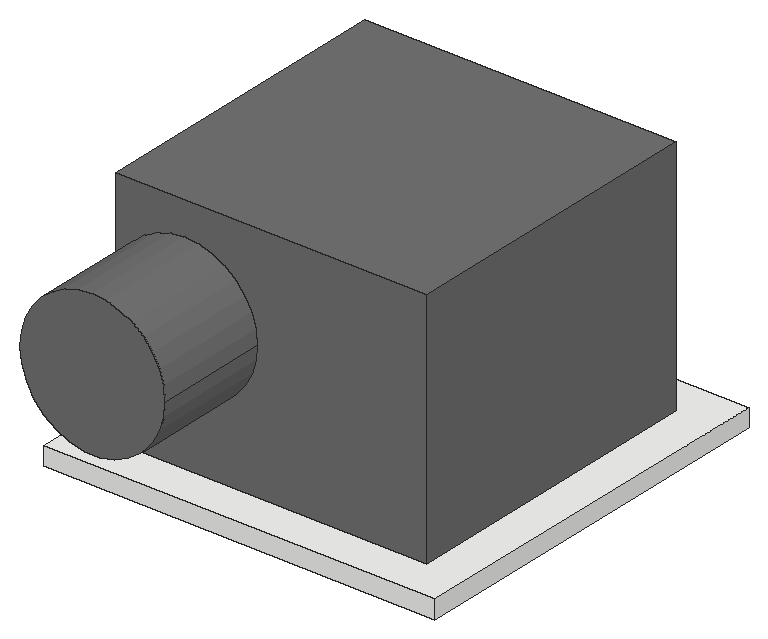
Revit family "vd-07_20z(s)vc7_60Hz", category 機械設備, Revit 2019
Family settings
  丸型コネクタ寸法 = 直径を使用
  パーツ タイプ = 標準
  OmniClass 番号 = 23.75.35.17.27
  OmniClass タイトル = Centrifugal Fans
  作業面ベース = いいえ
  常に垂直 = はい
  ロード時にボイドで切り取り = いいえ
  共有 = いいえ
  部屋計算ポイント = はい
Parameters (values of type "VD-20ZVC7")
  騒音レベル(dB(A)) [instance] = 45
  風量 [instance] = 550.0 m³/h
  電源種別 [instance] = ""
  電圧 = 100 V
  電動機出力 = 0 W
  電動機_種別 [instance] = ""
  運転質量 = 0.00 kg
  連動 [instance] = ""
  質量 = if(製品質量 > 運転質量, 製品質量, 運転質量) * 1.2  # 3.84 kg
  負荷分類 = 3_ファン類
  説明 = "ダクト用換気扇 低騒音形 24時間換気機能付 定風量タイプ"
  設計風量 [instance] = 0.0 m³/h
  設置方法 = "天埋"
  記号 [instance] = ""
  製造元 = "三菱電機株式会社"
  製品質量 = 3.20 kg
  製品出荷対象 = "国内"
  製品リリース年月 = "2024年6月3日"
  製品グループ = ""
  系統 [instance] = ""
  符号 [instance] = if(☑給気／□排気, "FS", "FE")  # "FE"
  積算_科目 = "2 換気設備"
  積算_拾い区分 [instance] = ""
  相 = 1
  盤記号 [instance] = ""
  発停方法 [instance] = ""
  特殊仕様 [instance] = ""
  火災停止 [instance] = ""
  消費電力 = 36 W
  法定耐用年数 = "15"
  機外静圧 [instance] = 0.0 Pa
  極数 = 2
  材質 [instance] = ""
  操作・制御方式 = ""
  操作・制御スイッチ = ""
  排気量 [instance] = if(☑給気／□排気, 0.0 m³/h, 設計風量)  # 0.0 m³/h
  形式 = "天井埋込ダクト形"
  幹線記号 [instance] = ""
  対象室 [instance] = ""
  実風量 [instance] = 0.0 m³/h
  始動方式 [instance] = "直入"
  外気量 [instance] = if(☑給気／□排気, 設計風量, 0.0 m³/h)  # 0.0 m³/h
  呼称 = "天井扇"
  周波数 = 60 Hz
  参照している仕様書等のバージョン = ""
  分類コード = "50052503100030"
  分類グループ = ""
  価格 = 71100
  企業コード = "108420"
  付属品_防振装置 = ""
  付属品 [instance] = ""
  仕様書バージョン = "Version1.0"
  モデル = "VD-20ZVC7"
  マテリアル = 合成樹脂(黒)
  ファンの種類 = ""
  ダクト径 = 150 mm
  コメント [instance] = ""
  Keynote = ""
  カバーマテリアル = 合成樹脂(白)
  ☑給気／□排気 [instance] = no
  Width = 310 mm
  W1 = 390 mm
  Version = ""
  Uniclass2015Version = "Systems v1.9"
  Uniclass2015Title = "Centrifugal fans"
  Uniclass2015Code = "Pr_65_67_29_12"
  URL = "https://www.mitsubishielectric.co.jp/ldg/wink/qr/002/333526/"
  SpecificationReference = ""
  SpecificationDescription = ""
  Revision = ""
  ProductInformation = ""
  OmniClassCode = "23-33 31 19 11 15"
  OAサイズ_D = 0 mm
  MIN風量 = 230.0 m³/h
  MIN静圧 = 70.0 Pa
  MID風量 = 340.0 m³/h
  MID静圧 = 80.0 Pa
  MAX風量 = 550.0 m³/h
  MAX静圧 = 0.0 Pa
  IfcTypeProduct = ""
  IfcProduct = ""
  IfcExportType = "PROPELLORAXIAL"
  IfcExportAs = "IfcFanType"
  Height = 240 mm
  H1 = 18 mm
  EAサイズ_D = 144 mm
  Duct_Height = 135 mm
  Duct_Depth = 115 mm
  Duct_Center = 86 mm
  Depth = 310 mm
  D1 = 390 mm
  Author = "三菱電機株式会社"
Types (7, lengths in mm): name | 騒音レベル(dB(A)) | 風量 | 質量 | 説明 | 製品質量 | 製品リリース年月 | 消費電力 | 機外静圧 | 価格 | モデル | ダクト径 | Width | W1 | URL | MIN風量 | MIN静圧 | MID風量 | MID静圧 | MAX風量 | MAX静圧 | Height | H1 | EAサイズ_D | Duct_Height | Duct_Depth | Duct_Center | Depth | D1
  VD-07ZVC7 | 25.5 | 50.0 m³/h | 1.32 kg | "ダクト用換気扇 低騒音形 小空間用 24時間換気機能付 定風量タイプ" | 1.10 kg | "2024年6月3日" | 1.8 W | 60.0 Pa | 27400 | "VD-07ZVC7" | 75 | 144 | 210 | "https://www.mitsubishielectric.co.jp/ldg/wink/qr/002/333545/" | 0.0 m³/h | 0.0 Pa | 0.0 m³/h | 0.0 Pa | 50.0 m³/h | 60.0 Pa | 191 | 15 | 73 | 90 | 106 | 0 | 144 | 210
  VD-10ZVC7 | 23.5 | 100.0 m³/h | 1.68 kg | "ダクト用換気扇 低騒音形 24時間換気機能付 定風量タイプ" | 1.40 kg | "2024年4月1日" | 2.5 W | 90.0 Pa | 29800 | "VD-10ZVC7" | 100 | 174 | 250 | "https://www.mitsubishielectric.co.jp/ldg/wink/qr/002/333573/" | 60.0 m³/h | 50.0 Pa | 0.0 m³/h | 0.0 Pa | 100.0 m³/h | 90.0 Pa | 184 | 15 | 98 | 102 | 109 | 0 | 174 | 250
  VD-13ZVC7 | 27.5 | 120.0 m³/h | 1.92 kg | "ダクト用換気扇 低騒音形 24時間換気機能付 定風量タイプ" | 1.60 kg | "2024年4月1日" | 3.3 W | 78.0 Pa | 33900 | "VD-13ZVC7" | 100 | 198 | 286 | "https://www.mitsubishielectric.co.jp/ldg/wink/qr/002/333596/" | 75.0 m³/h | 57.0 Pa | 0.0 m³/h | 0.0 Pa | 120.0 m³/h | 78.0 Pa | 195 | 15 | 98 | 102 | 109 | 56 | 198 | 286
  VD-15ZVC7 | 42 | 280.0 m³/h | 2.76 kg | "ダクト用換気扇 低騒音形 24時間換気機能付 定風量タイプ" | 2.30 kg | "2024年6月3日" | 19.5 W | 0.0 Pa | 46200 | "VD-15ZVC7" | 100 | 254 | 330 | "https://www.mitsubishielectric.co.jp/ldg/wink/qr/002/333631/" | 85.0 m³/h | 80.0 Pa | 160.0 m³/h | 130.0 Pa | 280.0 m³/h | 0.0 Pa | 200 | 18 | 98 | 109 | 109 | 0 | 254 | 330
  VD-18ZSVC7 | 43.5 | 320.0 m³/h | 3.84 kg | "ダクト用換気扇 低騒音形 24時間換気機能付 定風量タイプ" | 3.20 kg | "2024年6月3日" | 25 W | 0.0 Pa | 62300 | "VD-18ZSVC7" | 100 | 310 | 390 | "https://www.mitsubishielectric.co.jp/ldg/wink/qr/002/333660/" | 100.0 m³/h | 100.0 Pa | 180.0 m³/h | 160.0 Pa | 320.0 m³/h | 0.0 Pa | 200 | 18 | 98 | 109 | 109 | 0 | 310 | 390
  VD-18ZVC7 | 38 | 430.0 m³/h | 3.84 kg | "ダクト用換気扇 低騒音形 24時間換気機能付 定風量タイプ" | 3.20 kg | "2024年6月3日" | 18 W | 0.0 Pa | 60500 | "VD-18ZVC7" | 150 | 310 | 390 | "https://www.mitsubishielectric.co.jp/ldg/wink/qr/002/333661/" | 180.0 m³/h | 45.0 Pa | 300.0 m³/h | 65.0 Pa | 430.0 m³/h | 0.0 Pa | 240 | 18 | 144 | 135 | 115 | 86 | 310 | 390
  VD-20ZVC7 | 45 | 550.0 m³/h | 3.84 kg | "ダクト用換気扇 低騒音形 24時間換気機能付 定風量タイプ" | 3.20 kg | "2024年6月3日" | 36 W | 0.0 Pa | 71100 | "VD-20ZVC7" | 150 | 310 | 390 | "https://www.mitsubishielectric.co.jp/ldg/wink/qr/002/333526/" | 230.0 m³/h | 70.0 Pa | 340.0 m³/h | 80.0 Pa | 550.0 m³/h | 0.0 Pa | 240 | 18 | 144 | 135 | 115 | 86 | 310 | 390
Reference planes
  plane 1 "中心(正面/背面)": y = 0
  plane 2: z = 0
  plane 3 "中心(左/右)": x = 0
  plane 4: x = -195
  plane 5: x = 195
  plane 6: y = 195
  plane 7: y = -195
  plane 8: x = -155
  plane 9: x = 155
  plane 10: y = 155
  plane 11: y = -155
  plane 12: y = -270
  plane 13: z = 240
  plane 14: z = -18
  plane 15: z = 135
  plane 16: x = -86
Forms (mm)
  Extrusion 1, solid, material "合成樹脂(黒)" <- "マテリアル", detail levels fine
    sketch origin (0, 0, 0) x (1, 0, 0) y (0, 1, 0)
      loop
        line (-155, 155) -> (-155, -155) -> (155, -155) -> (155, 155) -> (-155, 155)
    from 0 to 240
  Extrusion 2, solid, material "合成樹脂(白)" <- "カバーマテリアル", detail levels fine
    sketch origin (0, 0, 0) x (1, 0, 0) y (0, 1, 0)
      loop
        line (-195, 195) -> (-195, -195) -> (195, -195) -> (195, 195) -> (-195, 195)
    from 0 to -18
  Extrusion 3, solid, material "合成樹脂(黒)" <- "マテリアル", detail levels fine
    sketch origin (0, 0, 0) x (1, 0, 0) y (0, 0, 1)
      loop
        circle (-86, 135) r 72
    from 155 to 270
Dimensions and locks
  equal spacing: plane 4, plane 3 "中心(左/右)", plane 5
  "W1": plane 4 to plane 5
  equal spacing: plane 6, plane 1 "中心(正面/背面)", plane 7
  "D1": plane 6 to plane 7
  equal spacing: plane 8, plane 3 "中心(左/右)", plane 9
  "Width": plane 8 to plane 9
  equal spacing: plane 10, plane 1 "中心(正面/背面)", plane 11
  "Depth": plane 10 to plane 11
  "Duct_Depth": plane 11 to plane 12
  "Height": plane 13 to plane 2
  "Duct_Height": plane 15 to plane 2
  "H1": plane 2 to plane 14
  "Duct_Center": plane 3 "中心(左/右)" to plane 16
  "EAサイズ_D": diameter of Extrusion 3 sketch curve
  aligned and locked: level to plane 2
  aligned and locked: plane 5 to Extrusion 2
  aligned and locked: plane 6 to Extrusion 2
  aligned and locked: Extrusion 2 to plane 4
  aligned and locked: Extrusion 2 to plane 7
  aligned and locked: plane 9 to Extrusion 1
  aligned and locked: Extrusion 1 to plane 11
  aligned and locked: Extrusion 1 to plane 8
  aligned and locked: plane 10 to Extrusion 1
  aligned and locked: plane 13 to Extrusion 1
  aligned and locked: Extrusion 2 to plane 14
  aligned and locked: level to Extrusion 2
  aligned and locked: Extrusion 1 to level
  aligned and locked: Extrusion 3 to plane 12
  aligned and locked: plane 11 to Extrusion 3
Automatic sketch dimensions
  Extrusion 1 sketch curve to plane 3 "中心(左/右)" = 155 mm
  plane 3 "中心(左/右)" to Extrusion 1 sketch curve = 155 mm
  Extrusion 2 sketch curve to plane 3 "中心(左/右)" = 195 mm
  plane 3 "中心(左/右)" to Extrusion 2 sketch curve = 195 mm
  plane 1 "中心(正面/背面)" to Extrusion 1 sketch curve = 155 mm
  Extrusion 1 sketch curve to plane 1 "中心(正面/背面)" = 155 mm
  plane 1 "中心(正面/背面)" to Extrusion 2 sketch curve = 195 mm
  Extrusion 2 sketch curve to plane 1 "中心(正面/背面)" = 195 mm
  Extrusion 3 sketch curve to plane 15 = 0 mm
  Extrusion 3 sketch curve to plane 16 = 0 mm
Nested families
  nested 1: "記号_天井換気扇_平面" at (0, 0, 0), type "記号_天井換気扇_平面", detail levels coarse+medium
Connectors
  hvac at (-86, -270, 135), driven by "ダクト径", driven by "風量", driven by "機外静圧"
    settings: on Extrusion 3, index 1, duct flow 550.0 m³/h, flow factor 0, pres drop 0.0 Pa, loss coef 0, conn angle 0.00°, conn width 304.8 mm, conn height 304.8 mm, conn diameter 150 mm, duct sys type 3, conn prof type 0, flow config 0, flow direction 2, loss method 4, conn ref index -1, conn util no, is conn primary yes, conn desc ""
  electrical at (0, 0, 240), driven by "極数", driven by "負荷分類", driven by "電圧", driven by "消費電力"
    settings: on Extrusion 1, index 2, voltage 100 V, apparent load 36 VA, apparent load phase1 0 VA, apparent load phase2 0 VA, apparent load phase3 0 VA, power factor 1, load classification "3_ファン類", number of poles 2, system type 30, power factor state 1, is connector primary yes, connector utility no, sub classification motor no, connector description ""
Definition of nested family "記号_天井換気扇_平面"
  Reference planes
    plane 1: y = 0
    plane 2: x = 0
  Lines and regions (mm)
    detail lines
      curve 1: line (-2.5, 2.5, 0) -> (2.5, 2.5, 0)
      curve 2: line (-2.5, -2.5, 0) -> (-2.5, 2.5, 0)
      curve 3: line (2.5, -2.5, 0) -> (-2.5, -2.5, 0)
      curve 4: line (2.5, 2.5, 0) -> (2.5, -2.5, 0)
      curve 5: circle (-1.04, -1.04, 0) r 1.46 normal (0, 0, 1)
      curve 6: circle (1.04, 1.04, 0) r 1.46 normal (0, 0, 1)
      curve 7: line (-3.125, 3.125, 0) -> (3.125, 3.125, 0)
      curve 8: line (-3.125, -3.125, 0) -> (-3.125, 3.125, 0)
      curve 9: line (3.125, -3.125, 0) -> (-3.125, -3.125, 0)
      curve 10: line (3.125, 3.125, 0) -> (3.125, -3.125, 0)
      curve 11: circle (1.295, 1.295, 0) r 1.83 normal (0, 0, 1)
      curve 12: circle (-1.295, -1.295, 0) r 1.83 normal (0, 0, 1)
      curve 13: line (-2, 2, 0) -> (2, 2, 0)
      curve 14: line (-2, -2, 0) -> (-2, 2, 0)
      curve 15: line (2, -2, 0) -> (-2, -2, 0)
      curve 16: line (2, 2, 0) -> (2, -2, 0)
      curve 17: circle (0.84, 0.84, 0) r 1.16 normal (0, 0, 1)
      curve 18: circle (-0.84, -0.84, 0) r 1.2 normal (0, 0, 1)
